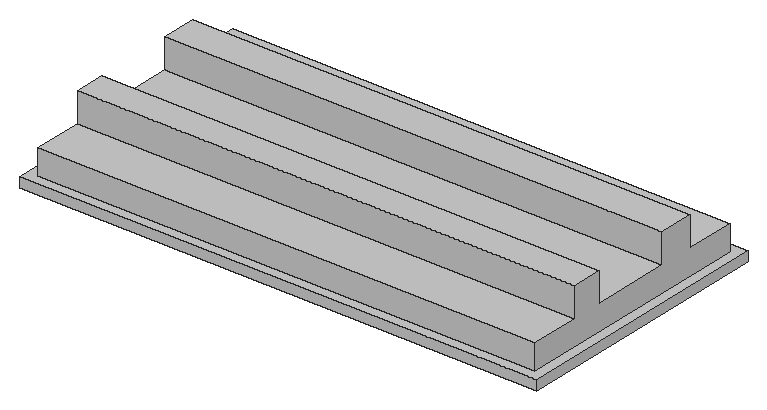
Revit family "BS_FM_Móng Băng 2 Dầm", category Structural Foundations, Revit 2019
Family settings
  Material for Model Behavior = Concrete
  Cap = No
  OmniClass Number = 23.25.30.11.27
  OmniClass Title = Vibration and Earthquake Controls
  Cut with Voids When Loaded = Yes
  Shared = Yes
Parameters (values of type "MB-LT-1200x300x500")
  h_BaoVe [instance] = 100 mm
  a4_BaoVe [instance] = 100 mm
  a3_BaoVe [instance] = 100 mm
  a2_BaoVe [instance] = 100 mm
  a1_BaoVe [instance] = 100 mm
  Width = 0 mm
  Type Image = MongBang.PNG
  RongDam_B2 = 350 mm
  RongDam_B1 = 300 mm
  built-in parameter 1001306 [instance] = 5000 mm
  H_ChieuCaoMong = H1_ChieuCaoMong + H2_ChieuCaoMong  # 550 mm
  H2_ChieuCaoMong = 300 mm
  H1_ChieuCaoMong = 250 mm
  Foundation Thickness = 0 mm
  BS_BeTongMong = @BS-BeTongCotThep
  BS_BeTongLot = @BS-BeTong
  BIMSPEED.VN [instance] = "TruyCap BimSpeed.vn"
  B2_CanhMong = 500 mm
  B2_CanhGiua = 800 mm
  B1_CanhMong = 500 mm
Reference planes
  plane 1 "Center (Front/Back)": y = 0
  plane 2: z = 0
  plane 3 "Left": x = 0
  plane 4 "Right": x = 5000
  plane 5: z = -100
Forms (mm)
  Sweep 1, solid, material "@BS-BeTongCotThep" <- "BS_BeTongMong"
    path in 3D
      loop
        line (0, 0, 0) -> (5000, 0, 0)
    profile "BS_POF_Mong Bang 2 Dầm : BS_POF_Mong Bang 2 Dầm" origin (2500, 0, 0) x (0, 1, 0) y (0, 0, 1)
      loop
        line (-712.5, 550) -> (-712.5, 250) -> (-1212.5, 250) -> (-1212.5, 0) -> (1237.5, 0) -> (1237.5, 250) -> (737.5, 250) -> (737.5, 550) -> (387.5, 550) -> (387.5, 250) -> (-412.5, 250) -> (-412.5, 550) -> (-712.5, 550)
  Extrusion 2, solid, material "@BS-BeTong" <- "BS_BeTongLot"
    sketch origin (0, 0, 0) x (1, 0, 0) y (0, 1, 0)
      loop
        line (-100, 1337.5) -> (-100, -1312.5) -> (5100, -1312.5) -> (5100, 1337.5) -> (-100, 1337.5)
    from 0 to -100
Lines and regions (mm)
  reference lines
    curve 1: line (0, 0, 0) -> (5000, 0, 0)
  sketch lines
    curve 2: line (0, 0, 0) -> (5000, 0, 0)
Dimensions and locks
  "built-in parameter 1001306": plane 3 "Left" to plane 4 "Right"
  Sweep 1 to Sweep 1 to Sweep 1 = 250 mm, 300 mm
  Sweep 1 to Sweep 1 to Sweep 1 to Sweep 1 to Sweep 1 to Sweep 1 = 500 mm, 350 mm, 800 mm, 300 mm, 500 mm
  Sweep 1 to Sweep 1 = 550 mm
  "a2_BaoVe": Sweep 1 to Extrusion 2 sketch curve
  "a1_BaoVe": Extrusion 2 sketch curve to Sweep 1
  "a3_BaoVe": Sweep 1 to Extrusion 2 sketch curve
  "a4_BaoVe": Extrusion 2 sketch curve to Sweep 1
  "h_BaoVe": plane 5 to plane 2
  aligned and locked: plane 4 "Right" to curve 1
  aligned and locked: plane 1 "Center (Front/Back)" to curve 1
  aligned and locked: plane 3 "Left" to curve 1
  aligned and locked: plane 2 to Extrusion 2
  aligned and locked: Extrusion 2 to plane 2
  aligned and locked: Extrusion 2 to plane 5
